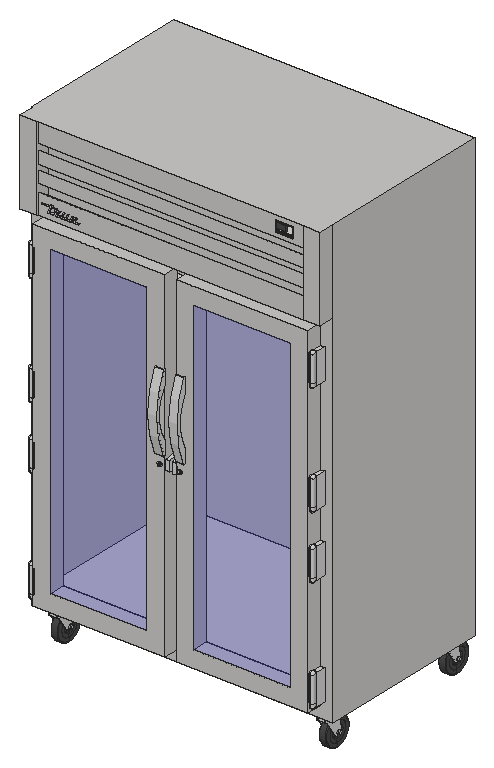
Revit family "QF_TRUE_STG2H-2G", category Specialty Equipment, Revit 2012 (continued)
Automatic sketch dimensions
  Extrusion 13 sketch curve to Extrusion 13 sketch curve = 0.71221"
  Extrusion 13 sketch curve to Extrusion 13 sketch curve = 4.39928"
  Revolve 14 sketch curve to plane 5 "FRONT" = 0.07771"  (x2)
  Revolve 14 sketch curve to Revolve 14 sketch curve = 0.38242"
  Revolve 14 sketch curve to Revolve 14 sketch curve = 0.38436"
  Revolve 14 sketch curve to plane 5 "FRONT" = 31/64"
  Revolve 14 sketch curve to Revolve 14 sketch curve = 0.40666"
  Revolve 14 sketch curve to Revolve 14 sketch curve = 0"
  Revolve 14 sketch curve to plane 6 "TOP" = 25.07719"
  Revolve 14 sketch curve to Revolve 14 sketch curve = 0.32931"
  Revolve 14 sketch curve to Revolve 14 sketch curve = 0.51246"
  Revolve 14 sketch curve to Revolve 14 sketch curve = 0.05342"
  Revolve 14 sketch curve to Revolve 14 sketch curve = 4.42889"
  Revolve 14 sketch curve to Revolve 14 sketch curve = 0.04281"
  Revolve 14 sketch curve to Revolve 14 sketch curve = 0.18929"
  Revolve 14 sketch curve to Revolve 14 sketch curve = 0.55526"
  Extrusion 15 sketch curve to plane 9 = 0.96009"
  Extrusion 15 sketch curve to Extrusion 15 sketch curve = 0.39759"
  Extrusion 15 sketch curve to plane 6 "TOP" = 24.12421"
  Extrusion 15 sketch curve to Extrusion 15 sketch curve = 4.47281"
  Extrusion 16 sketch curve to plane 5 "FRONT" = 1/2"
  Extrusion 16 sketch curve to Extrusion 16 sketch curve = 0.43503"
  Extrusion 16 sketch curve to Extrusion 16 sketch curve = 0.20453"
  Extrusion 16 sketch curve to Extrusion 16 sketch curve = 1.61044"
  plane 7 to Extrusion 16 sketch curve = 33.61127"
  Extrusion 16 sketch curve to Extrusion 16 sketch curve = 0.71221"
  Extrusion 16 sketch curve to Extrusion 16 sketch curve = 4.39928"
  Revolve 17 sketch curve to plane 5 "FRONT" = 0.07771"  (x2)
  Revolve 17 sketch curve to Revolve 17 sketch curve = 0.38242"
  Revolve 17 sketch curve to Revolve 17 sketch curve = 0.38436"
  Revolve 17 sketch curve to plane 5 "FRONT" = 31/64"
  Revolve 17 sketch curve to Revolve 17 sketch curve = 0.40666"
  Revolve 17 sketch curve to Revolve 17 sketch curve = 0"
  plane 7 to Revolve 17 sketch curve = 33.42281"
  Revolve 17 sketch curve to Revolve 17 sketch curve = 0.32931"
  Revolve 17 sketch curve to Revolve 17 sketch curve = 0.51246"
  Revolve 17 sketch curve to Revolve 17 sketch curve = 0.05342"
  Revolve 17 sketch curve to Revolve 17 sketch curve = 4.42889"
  Revolve 17 sketch curve to Revolve 17 sketch curve = 0.04281"
  Revolve 17 sketch curve to Revolve 17 sketch curve = 0.18929"
  Revolve 17 sketch curve to Revolve 17 sketch curve = 0.55526"
  Extrusion 18 sketch curve to plane 9 = 0.96009"
  Extrusion 18 sketch curve to Extrusion 18 sketch curve = 0.39759"
  plane 7 to Extrusion 18 sketch curve = 34.37579"
  Extrusion 18 sketch curve to Extrusion 18 sketch curve = 4.47281"
  Extrusion 19 sketch curve to plane 5 "FRONT" = 1/2"
  Extrusion 19 sketch curve to Extrusion 19 sketch curve = 0.43503"
  Extrusion 19 sketch curve to Extrusion 19 sketch curve = 0.20453"
  Extrusion 19 sketch curve to Extrusion 19 sketch curve = 1.61044"
  plane 7 to Extrusion 19 sketch curve = 22.61127"
  Extrusion 19 sketch curve to Extrusion 19 sketch curve = 0.71221"
  Extrusion 19 sketch curve to Extrusion 19 sketch curve = 4.39928"
  Revolve 20 sketch curve to plane 5 "FRONT" = 0.07771"  (x2)
  Revolve 20 sketch curve to Revolve 20 sketch curve = 0.38242"
  Revolve 20 sketch curve to Revolve 20 sketch curve = 0.38436"
  Revolve 20 sketch curve to plane 5 "FRONT" = 31/64"
  Revolve 20 sketch curve to Revolve 20 sketch curve = 0.40666"
  Revolve 20 sketch curve to Revolve 20 sketch curve = 0"
  plane 7 to Revolve 20 sketch curve = 22.42281"
  Revolve 20 sketch curve to Revolve 20 sketch curve = 0.32931"
  Revolve 20 sketch curve to Revolve 20 sketch curve = 0.51246"
  Revolve 20 sketch curve to Revolve 20 sketch curve = 0.05342"
  Revolve 20 sketch curve to Revolve 20 sketch curve = 4.42889"
  Revolve 20 sketch curve to Revolve 20 sketch curve = 0.04281"
  Revolve 20 sketch curve to Revolve 20 sketch curve = 0.18929"
  Revolve 20 sketch curve to Revolve 20 sketch curve = 0.55526"
  Extrusion 21 sketch curve to plane 9 = 0.96009"
  Extrusion 21 sketch curve to Extrusion 21 sketch curve = 0.39759"
  plane 7 to Extrusion 21 sketch curve = 23.37579"
  Extrusion 21 sketch curve to Extrusion 21 sketch curve = 4.47281"
  Extrusion 22 sketch curve to plane 5 "FRONT" = 1/2"
  Extrusion 22 sketch curve to Extrusion 22 sketch curve = 0.43503"
  Extrusion 22 sketch curve to Extrusion 22 sketch curve = 0.20453"
  Extrusion 22 sketch curve to Extrusion 22 sketch curve = 1.61044"
  plane 7 to Extrusion 22 sketch curve = 2.86127"
  Extrusion 22 sketch curve to Extrusion 22 sketch curve = 0.71221"
  Extrusion 22 sketch curve to Extrusion 22 sketch curve = 4.39928"
  Revolve 23 sketch curve to plane 5 "FRONT" = 0.07771"  (x2)
  Revolve 23 sketch curve to Revolve 23 sketch curve = 0.38242"
  Revolve 23 sketch curve to Revolve 23 sketch curve = 0.38436"
  Revolve 23 sketch curve to plane 5 "FRONT" = 31/64"
  Revolve 23 sketch curve to Revolve 23 sketch curve = 0.40666"
  Revolve 23 sketch curve to Revolve 23 sketch curve = 0"
  plane 7 to Revolve 23 sketch curve = 2.67281"
  Revolve 23 sketch curve to Revolve 23 sketch curve = 0.32931"
  Revolve 23 sketch curve to Revolve 23 sketch curve = 0.51246"
  Revolve 23 sketch curve to Revolve 23 sketch curve = 0.05342"
  Revolve 23 sketch curve to Revolve 23 sketch curve = 4.42889"
  Revolve 23 sketch curve to Revolve 23 sketch curve = 0.04281"
  Revolve 23 sketch curve to Revolve 23 sketch curve = 0.18929"
  Revolve 23 sketch curve to Revolve 23 sketch curve = 0.55526"
  Extrusion 24 sketch curve to plane 9 = 0.96009"
  Extrusion 24 sketch curve to Extrusion 24 sketch curve = 0.39759"
  plane 7 to Extrusion 24 sketch curve = 3.62579"
  Extrusion 24 sketch curve to Extrusion 24 sketch curve = 4.47281"
  Extrusion 25 sketch curve to plane 5 "FRONT" = 1/2"
  Extrusion 25 sketch curve to Extrusion 25 sketch curve = 0.43503"
  Extrusion 25 sketch curve to Extrusion 25 sketch curve = 0.20453"
  Extrusion 25 sketch curve to Extrusion 25 sketch curve = 1.61044"
  Extrusion 25 sketch curve to plane 6 "TOP" = 19.57271"
  Extrusion 25 sketch curve to Extrusion 25 sketch curve = 4.39928"
  Extrusion 25 sketch curve to Extrusion 25 sketch curve = 0.71221"
  Revolve 26 sketch curve to plane 5 "FRONT" = 0.07771"  (x2)
  Revolve 26 sketch curve to Revolve 26 sketch curve = 0.38242"
  Revolve 26 sketch curve to Revolve 26 sketch curve = 0.38436"
  Revolve 26 sketch curve to plane 5 "FRONT" = 31/64"
  Revolve 26 sketch curve to Revolve 26 sketch curve = 0.40666"
  Revolve 26 sketch curve to Revolve 26 sketch curve = 0"
  Revolve 26 sketch curve to plane 6 "TOP" = 18.75492"
  Revolve 26 sketch curve to Revolve 26 sketch curve = 0.55526"
  Revolve 26 sketch curve to Revolve 26 sketch curve = 0.19474"
  Revolve 26 sketch curve to Revolve 26 sketch curve = 0.14649"
  Revolve 26 sketch curve to Revolve 26 sketch curve = 4.42889"
  Revolve 26 sketch curve to Revolve 26 sketch curve = 0.05342"
  Revolve 26 sketch curve to Revolve 26 sketch curve = 0.51246"
  Revolve 26 sketch curve to Revolve 26 sketch curve = 0.05889"
  plane 10 to Extrusion 27 sketch curve = 0.99134"
  Extrusion 27 sketch curve to Extrusion 27 sketch curve = 0.39759"
  Extrusion 27 sketch curve to plane 6 "TOP" = 19.6514"
  Extrusion 27 sketch curve to Extrusion 27 sketch curve = 4.47281"
  Extrusion 28 sketch curve to plane 5 "FRONT" = 1/2"
  Extrusion 28 sketch curve to Extrusion 28 sketch curve = 0.43503"
  Extrusion 28 sketch curve to Extrusion 28 sketch curve = 0.20453"
  Extrusion 28 sketch curve to Extrusion 28 sketch curve = 1.61044"
  plane 7 to Extrusion 28 sketch curve = 38.92729"
  Extrusion 28 sketch curve to Extrusion 28 sketch curve = 4.39928"
  Extrusion 28 sketch curve to Extrusion 28 sketch curve = 0.71221"
  Revolve 29 sketch curve to plane 5 "FRONT" = 0.07771"  (x2)
  Revolve 29 sketch curve to Revolve 29 sketch curve = 0.38242"
  Revolve 29 sketch curve to Revolve 29 sketch curve = 0.38436"
  Revolve 29 sketch curve to plane 5 "FRONT" = 31/64"
  Revolve 29 sketch curve to Revolve 29 sketch curve = 0.40666"
  Revolve 29 sketch curve to Revolve 29 sketch curve = 0"
  Revolve 29 sketch curve to plane 6 "TOP" = 38.25492"
  Revolve 29 sketch curve to Revolve 29 sketch curve = 0.55526"
  Revolve 29 sketch curve to Revolve 29 sketch curve = 0.19474"
  Revolve 29 sketch curve to Revolve 29 sketch curve = 0.14649"
  Revolve 29 sketch curve to Revolve 29 sketch curve = 4.42889"
  Revolve 29 sketch curve to Revolve 29 sketch curve = 0.05342"
  Revolve 29 sketch curve to Revolve 29 sketch curve = 0.51246"
  Revolve 29 sketch curve to Revolve 29 sketch curve = 0.05889"
  plane 10 to Extrusion 30 sketch curve = 0.99134"
  Extrusion 30 sketch curve to Extrusion 30 sketch curve = 0.39759"
  plane 7 to Extrusion 30 sketch curve = 38.8486"
  Extrusion 30 sketch curve to Extrusion 30 sketch curve = 4.47281"
  Extrusion 31 sketch curve to plane 5 "FRONT" = 1/2"
  Extrusion 31 sketch curve to Extrusion 31 sketch curve = 0.43503"
  Extrusion 31 sketch curve to Extrusion 31 sketch curve = 0.20453"
  Extrusion 31 sketch curve to Extrusion 31 sketch curve = 1.61044"
  plane 7 to Extrusion 31 sketch curve = 27.92729"
  Extrusion 31 sketch curve to Extrusion 31 sketch curve = 4.39928"
  Extrusion 31 sketch curve to Extrusion 31 sketch curve = 0.71221"
  Revolve 32 sketch curve to plane 5 "FRONT" = 0.07771"  (x2)
  Revolve 32 sketch curve to Revolve 32 sketch curve = 0.38242"
  Revolve 32 sketch curve to Revolve 32 sketch curve = 0.38436"
  Revolve 32 sketch curve to plane 5 "FRONT" = 31/64"
  Revolve 32 sketch curve to Revolve 32 sketch curve = 0.40666"
  Revolve 32 sketch curve to Revolve 32 sketch curve = 0"
  plane 7 to Revolve 32 sketch curve = 28.74508"
  Revolve 32 sketch curve to Revolve 32 sketch curve = 0.55526"
  Revolve 32 sketch curve to Revolve 32 sketch curve = 0.19474"
  Revolve 32 sketch curve to Revolve 32 sketch curve = 0.14649"
  Revolve 32 sketch curve to Revolve 32 sketch curve = 4.42889"
  Revolve 32 sketch curve to Revolve 32 sketch curve = 0.05342"
  Revolve 32 sketch curve to Revolve 32 sketch curve = 0.51246"
  Revolve 32 sketch curve to Revolve 32 sketch curve = 0.05889"
  plane 10 to Extrusion 33 sketch curve = 0.99134"
  Extrusion 33 sketch curve to Extrusion 33 sketch curve = 0.39759"
  plane 7 to Extrusion 33 sketch curve = 27.8486"
  Extrusion 33 sketch curve to Extrusion 33 sketch curve = 4.47281"
  Extrusion 34 sketch curve to plane 5 "FRONT" = 1/2"
  Extrusion 34 sketch curve to Extrusion 34 sketch curve = 0.43503"
  Extrusion 34 sketch curve to Extrusion 34 sketch curve = 0.20453"
  Extrusion 34 sketch curve to Extrusion 34 sketch curve = 1.61044"
  plane 7 to Extrusion 34 sketch curve = 8.17729"
  plane 7 to Extrusion 34 sketch curve = 3.57348"
  Extrusion 34 sketch curve to Extrusion 34 sketch curve = 0.71221"
  Revolve 35 sketch curve to plane 5 "FRONT" = 0.07771"  (x2)
  Revolve 35 sketch curve to Revolve 35 sketch curve = 0.38242"
  Revolve 35 sketch curve to Revolve 35 sketch curve = 0.38436"
  Revolve 35 sketch curve to plane 5 "FRONT" = 31/64"
  Revolve 35 sketch curve to Revolve 35 sketch curve = 0.40666"
  Revolve 35 sketch curve to Revolve 35 sketch curve = 0"
  plane 7 to Revolve 35 sketch curve = 8.99508"
  Revolve 35 sketch curve to Revolve 35 sketch curve = 0.55526"
  Revolve 35 sketch curve to Revolve 35 sketch curve = 0.19474"
  Revolve 35 sketch curve to Revolve 35 sketch curve = 0.14649"
  plane 7 to Revolve 35 sketch curve = 3.62689"
  Revolve 35 sketch curve to Revolve 35 sketch curve = 0.05342"
  Revolve 35 sketch curve to Revolve 35 sketch curve = 0.51246"
  Revolve 35 sketch curve to Revolve 35 sketch curve = 0.05889"
  plane 10 to Extrusion 36 sketch curve = 0.99134"
  Extrusion 36 sketch curve to Extrusion 36 sketch curve = 0.39759"
  plane 7 to Extrusion 36 sketch curve = 8.0986"
  plane 7 to Extrusion 36 sketch curve = 3.62579"
  Revolve 37 sketch curve to plane 10 = 1.50773"
  Revolve 37 sketch curve to Revolve 37 sketch curve = 0.48273"
  Revolve 37 sketch curve to plane 10 = 5/8"  (x2)
  Revolve 37 sketch curve to Revolve 37 sketch curve = 0.1"  (x2)
  Revolve 37 sketch curve to Revolve 37 sketch curve = 0.16101"
  plane 10 to Revolve 37 sketch curve = 0.12908"
  plane 10 to Revolve 37 sketch curve = 0.46399"
  plane 10 to Revolve 37 sketch curve = 0.525"
  Revolve 37 sketch curve to Revolve 37 sketch curve = 1/2"
  Revolve 37 sketch curve to Revolve 37 sketch curve = 0.16509"
  Revolve 37 sketch curve to Revolve 37 sketch curve = 0.39592"
  level to Revolve 37 sketch curve = 2 1/2"
  Revolve 37 sketch curve to Revolve 37 sketch curve = 0"
  Revolve 37 sketch curve to Revolve 37 sketch curve = 0.29941"  (x2)
  Revolve 37 sketch curve to Revolve 37 sketch curve = 3/4"  (x4)
  Revolve 37 sketch curve to Revolve 37 sketch curve = 0.59652"
  Revolve 37 sketch curve to Revolve 37 sketch curve = 0.60059"
  Extrusion 38 sketch curve to plane 7 = 0.63926"  (x2)
  Extrusion 38 sketch curve to plane 5 "FRONT" = 3.79864"
  Extrusion 38 sketch curve to Extrusion 38 sketch curve = 1/4"  (x2)
  level to Extrusion 38 sketch curve = 2.18736"  (x2)
  Extrusion 38 sketch curve to Extrusion 38 sketch curve = 1.7492"
  Extrusion 38 sketch curve to Extrusion 38 sketch curve = 0.50669"  (x2)
  Extrusion 38 sketch curve to Extrusion 38 sketch curve = 2 1/2"
  level to Extrusion 38 sketch curve = 2.59003"
  Extrusion 38 sketch curve to Extrusion 38 sketch curve = 0.59966"  (x2)
  plane 1 "BACK" to Extrusion 38 sketch curve = 3.8577"
  plane 1 "BACK" to Extrusion 38 sketch curve = 1.8585"
  plane 1 "BACK" to Extrusion 38 sketch curve = 1.1077"
  Extrusion 38 sketch curve to Extrusion 38 sketch curve = 0.32905"
  Extrusion 38 sketch curve to Extrusion 38 sketch curve = 0.60485"  (x2)
  Extrusion 39 sketch curve to plane 7 = 0.63926"  (x2)
  Extrusion 39 sketch curve to plane 5 "FRONT" = 3.79864"
  Extrusion 39 sketch curve to Extrusion 39 sketch curve = 1/4"  (x2)
  level to Extrusion 39 sketch curve = 2.18736"  (x2)
  Extrusion 39 sketch curve to Extrusion 39 sketch curve = 1.7492"
  Extrusion 39 sketch curve to Extrusion 39 sketch curve = 0.50669"  (x2)
  Extrusion 39 sketch curve to Extrusion 39 sketch curve = 2 1/2"
  level to Extrusion 39 sketch curve = 2.59003"
  Extrusion 39 sketch curve to Extrusion 39 sketch curve = 0.59966"  (x2)
  plane 1 "BACK" to Extrusion 39 sketch curve = 3.8577"
  plane 1 "BACK" to Extrusion 39 sketch curve = 1.8585"
  plane 1 "BACK" to Extrusion 39 sketch curve = 1.1077"
  Extrusion 39 sketch curve to Extrusion 39 sketch curve = 0.32905"
  Extrusion 39 sketch curve to Extrusion 39 sketch curve = 0.60485"  (x2)
  Revolve 40 sketch curve to plane 10 = 0"  (x2)
  Revolve 40 sketch curve to plane 7 = 0.62954"
  Revolve 40 sketch curve to plane 10 = 1.29707"
  Revolve 40 sketch curve to Revolve 40 sketch curve = 0.10278"
  Revolve 40 sketch curve to plane 7 = 0.00141"
  plane 7 to Revolve 40 sketch curve = 0.26768"
  Revolve 41 sketch curve to level = 0"
  Revolve 41 sketch curve to plane 10 = 0"  (x2)
  Revolve 41 sketch curve to plane 10 = 1/2"
  Revolve 41 sketch curve to Revolve 41 sketch curve = 1/4"
  Revolve 41 sketch curve to plane 7 = 0"
  Revolve 41 sketch curve to Revolve 41 sketch curve = 1.33338"
  level to Revolve 41 sketch curve = 1"
  Revolve 41 sketch curve to Revolve 41 sketch curve = 5/8"
  plane 7 to Revolve 41 sketch curve = 1 25/32"
  Revolve 42 sketch curve to level = 0"
  Revolve 42 sketch curve to plane 10 = 0"  (x2)
  Revolve 42 sketch curve to plane 10 = 1/2"
  Revolve 42 sketch curve to Revolve 42 sketch curve = 1/4"
  Revolve 42 sketch curve to plane 7 = 0"
  Revolve 42 sketch curve to Revolve 42 sketch curve = 1.33338"
  level to Revolve 42 sketch curve = 1"
  Revolve 42 sketch curve to Revolve 42 sketch curve = 5/8"
  plane 7 to Revolve 42 sketch curve = 1 25/32"
  Revolve 43 sketch curve to plane 10 = 0"  (x2)
  Revolve 43 sketch curve to plane 7 = 0.62954"
  Revolve 43 sketch curve to plane 10 = 1.29707"
  Revolve 43 sketch curve to Revolve 43 sketch curve = 0.10278"
  Revolve 43 sketch curve to plane 7 = 0.00141"
  plane 7 to Revolve 43 sketch curve = 0.26768"
  Extrusion 44 sketch curve to plane 7 = 0.63926"  (x2)
  Extrusion 44 sketch curve to plane 5 "FRONT" = 3.79864"
  Extrusion 44 sketch curve to Extrusion 44 sketch curve = 1/4"  (x2)
  Extrusion 44 sketch curve to Extrusion 44 sketch curve = 2 1/2"
  Extrusion 44 sketch curve to plane 7 = 0.93273"  (x2)
  Extrusion 44 sketch curve to Extrusion 44 sketch curve = 0.03603"
  plane 1 "BACK" to Extrusion 44 sketch curve = 3.8577"
  Extrusion 44 sketch curve to plane 7 = 1.24411"
  plane 1 "BACK" to Extrusion 44 sketch curve = 1.1077"
  Revolve 45 sketch curve to plane 10 = 1.50773"
  Revolve 45 sketch curve to Revolve 45 sketch curve = 0.48273"
  Revolve 45 sketch curve to plane 10 = 5/8"  (x2)
  Revolve 45 sketch curve to Revolve 45 sketch curve = 0.1"  (x2)
  Revolve 45 sketch curve to Revolve 45 sketch curve = 0.16101"
  plane 10 to Revolve 45 sketch curve = 0.12908"
  plane 10 to Revolve 45 sketch curve = 0.46399"
  plane 10 to Revolve 45 sketch curve = 0.525"
  Revolve 45 sketch curve to Revolve 45 sketch curve = 1/2"
  Revolve 45 sketch curve to Revolve 45 sketch curve = 0.16509"
  Revolve 45 sketch curve to Revolve 45 sketch curve = 0.39592"
  level to Revolve 45 sketch curve = 2 1/2"
  Revolve 45 sketch curve to Revolve 45 sketch curve = 0"
  Revolve 45 sketch curve to Revolve 45 sketch curve = 0.29941"  (x2)
  Revolve 45 sketch curve to Revolve 45 sketch curve = 3/4"  (x4)
  Revolve 45 sketch curve to Revolve 45 sketch curve = 0.59652"
  Revolve 45 sketch curve to Revolve 45 sketch curve = 0.60059"
  plane 3 "LEFT" to Revolve 46 sketch curve = 1.33602"
  Revolve 46 sketch curve to Revolve 46 sketch curve = 0.48273"
  Revolve 46 sketch curve to plane 9 = 5/8"  (x2)
  Revolve 46 sketch curve to Revolve 46 sketch curve = 0.1"  (x2)
  Revolve 46 sketch curve to Revolve 46 sketch curve = 0.16101"
  plane 9 to Revolve 46 sketch curve = 0.12908"
  plane 9 to Revolve 46 sketch curve = 0.46399"
  plane 9 to Revolve 46 sketch curve = 0.525"
  Revolve 46 sketch curve to Revolve 46 sketch curve = 1/2"
  Revolve 46 sketch curve to Revolve 46 sketch curve = 0.16509"
  Revolve 46 sketch curve to Revolve 46 sketch curve = 0.39592"
  level to Revolve 46 sketch curve = 2 1/2"
  Revolve 46 sketch curve to Revolve 46 sketch curve = 0"
  Revolve 46 sketch curve to Revolve 46 sketch curve = 0.29941"  (x2)
  Revolve 46 sketch curve to Revolve 46 sketch curve = 3/4"  (x4)
  Revolve 46 sketch curve to Revolve 46 sketch curve = 0.59652"
  Revolve 46 sketch curve to Revolve 46 sketch curve = 0.60059"
  Extrusion 47 sketch curve to plane 7 = 0.63926"  (x2)
  Extrusion 47 sketch curve to plane 5 "FRONT" = 3.79864"
  Extrusion 47 sketch curve to Extrusion 47 sketch curve = 1/4"  (x2)
  level to Extrusion 47 sketch curve = 2.18736"  (x2)
  Extrusion 47 sketch curve to Extrusion 47 sketch curve = 1.7492"
  Extrusion 47 sketch curve to Extrusion 47 sketch curve = 0.50669"  (x2)
  Extrusion 47 sketch curve to Extrusion 47 sketch curve = 2 1/2"
  level to Extrusion 47 sketch curve = 2.59003"
  Extrusion 47 sketch curve to Extrusion 47 sketch curve = 0.59966"  (x2)
  plane 1 "BACK" to Extrusion 47 sketch curve = 3.8577"
  plane 1 "BACK" to Extrusion 47 sketch curve = 1.8585"
  plane 1 "BACK" to Extrusion 47 sketch curve = 1.1077"
  Extrusion 47 sketch curve to Extrusion 47 sketch curve = 0.32905"
  Extrusion 47 sketch curve to Extrusion 47 sketch curve = 0.60485"  (x2)
  Extrusion 48 sketch curve to plane 7 = 0.63926"  (x2)
  Extrusion 48 sketch curve to plane 5 "FRONT" = 3.79864"
  Extrusion 48 sketch curve to Extrusion 48 sketch curve = 1/4"  (x2)
  level to Extrusion 48 sketch curve = 2.18736"  (x2)
  Extrusion 48 sketch curve to Extrusion 48 sketch curve = 1.7492"
  Extrusion 48 sketch curve to Extrusion 48 sketch curve = 0.50669"  (x2)
  Extrusion 48 sketch curve to Extrusion 48 sketch curve = 2 1/2"
  level to Extrusion 48 sketch curve = 2.59003"
  Extrusion 48 sketch curve to Extrusion 48 sketch curve = 0.59966"  (x2)
  plane 1 "BACK" to Extrusion 48 sketch curve = 3.8577"
  plane 1 "BACK" to Extrusion 48 sketch curve = 1.8585"
  plane 1 "BACK" to Extrusion 48 sketch curve = 1.1077"
  Extrusion 48 sketch curve to Extrusion 48 sketch curve = 0.32905"
  Extrusion 48 sketch curve to Extrusion 48 sketch curve = 0.60485"  (x2)
  Revolve 49 sketch curve to plane 9 = 0"  (x2)
  Revolve 49 sketch curve to plane 7 = 0.62954"
  Revolve 49 sketch curve to plane 9 = 1.29707"
  Revolve 49 sketch curve to Revolve 49 sketch curve = 0.10278"
  Revolve 49 sketch curve to plane 7 = 0.00141"
  plane 7 to Revolve 49 sketch curve = 0.26768"
  Revolve 50 sketch curve to level = 0"
  Revolve 50 sketch curve to plane 9 = 0"  (x2)
  Revolve 50 sketch curve to plane 9 = 1/2"
  Revolve 50 sketch curve to Revolve 50 sketch curve = 1/4"
  Revolve 50 sketch curve to plane 7 = 0"
  Revolve 50 sketch curve to plane 9 = 1.33338"
  level to Revolve 50 sketch curve = 1"
  Revolve 50 sketch curve to Revolve 50 sketch curve = 5/8"
  plane 7 to Revolve 50 sketch curve = 1 25/32"
  Revolve 51 sketch curve to level = 0"
  Revolve 51 sketch curve to plane 9 = 0"  (x2)
  Revolve 51 sketch curve to plane 9 = 1/2"
  Revolve 51 sketch curve to Revolve 51 sketch curve = 1/4"
  Revolve 51 sketch curve to plane 7 = 0"
  Revolve 51 sketch curve to plane 9 = 1.33338"
  level to Revolve 51 sketch curve = 1"
  Revolve 51 sketch curve to Revolve 51 sketch curve = 5/8"
  plane 7 to Revolve 51 sketch curve = 1 25/32"
  Revolve 52 sketch curve to plane 9 = 0"  (x2)
  Revolve 52 sketch curve to plane 7 = 0.62954"
  Revolve 52 sketch curve to plane 9 = 1.29707"
  Revolve 52 sketch curve to Revolve 52 sketch curve = 0.10278"
  Revolve 52 sketch curve to plane 7 = 0.00141"
  plane 7 to Revolve 52 sketch curve = 0.26768"
  Extrusion 53 sketch curve to plane 7 = 0.63926"  (x2)
  Extrusion 53 sketch curve to plane 5 "FRONT" = 3.79864"
  Extrusion 53 sketch curve to Extrusion 53 sketch curve = 1/4"  (x2)
  Extrusion 53 sketch curve to Extrusion 53 sketch curve = 2 1/2"
  Extrusion 53 sketch curve to plane 7 = 0.93273"  (x2)
  Extrusion 53 sketch curve to Extrusion 53 sketch curve = 0.03603"
  plane 1 "BACK" to Extrusion 53 sketch curve = 3.8577"
  Extrusion 53 sketch curve to plane 7 = 1.24411"
  plane 1 "BACK" to Extrusion 53 sketch curve = 1.1077"
  plane 3 "LEFT" to Revolve 54 sketch curve = 1.33602"
  Revolve 54 sketch curve to Revolve 54 sketch curve = 0.48273"
  Revolve 54 sketch curve to plane 9 = 5/8"  (x2)
  Revolve 54 sketch curve to Revolve 54 sketch curve = 0.1"  (x2)
  Revolve 54 sketch curve to Revolve 54 sketch curve = 0.16101"
  plane 9 to Revolve 54 sketch curve = 0.12908"
  plane 9 to Revolve 54 sketch curve = 0.46399"
  plane 9 to Revolve 54 sketch curve = 0.525"
  Revolve 54 sketch curve to Revolve 54 sketch curve = 1/2"
  Revolve 54 sketch curve to Revolve 54 sketch curve = 0.16509"
  Revolve 54 sketch curve to Revolve 54 sketch curve = 0.39592"
  level to Revolve 54 sketch curve = 2 1/2"
  Revolve 54 sketch curve to Revolve 54 sketch curve = 0"
  Revolve 54 sketch curve to Revolve 54 sketch curve = 0.29941"  (x2)
  Revolve 54 sketch curve to Revolve 54 sketch curve = 3/4"  (x4)
  Revolve 54 sketch curve to Revolve 54 sketch curve = 0.59652"
  Revolve 54 sketch curve to Revolve 54 sketch curve = 0.60059"
  Extrusion 55 sketch curve to plane 6 "TOP" = 2.55982"
  Extrusion 55 sketch curve to plane 10 = 5.12093"
  Extrusion 55 sketch curve to plane 10 = 2.21468"
  Extrusion 55 sketch curve to plane 6 "TOP" = 13/16"
  Extrusion 56 sketch curve to plane 6 "TOP" = 3/4"
  Extrusion 56 sketch curve to plane 10 = 5.18343"
  Extrusion 56 sketch curve to Extrusion 56 sketch curve = 1/16"  (x4)
  Extrusion 56 sketch curve to Extrusion 56 sketch curve = 0.1375"  (x2)
  Extrusion 56 sketch curve to Extrusion 56 sketch curve = 1/4"  (x4)
  Extrusion 56 sketch curve to Extrusion 56 sketch curve = 0.44601"
  Extrusion 56 sketch curve to Extrusion 56 sketch curve = 1/2"  (x2)
  Extrusion 56 sketch curve to Extrusion 56 sketch curve = 0.0035"
  Extrusion 56 sketch curve to Extrusion 56 sketch curve = 1.06923"
  Extrusion 56 sketch curve to plane 6 "TOP" = 0.95"
  Extrusion 56 sketch curve to Extrusion 56 sketch curve = 1"
  Extrusion 56 sketch curve to Extrusion 56 sketch curve = 0.34106"  (x3)
  Extrusion 56 sketch curve to Extrusion 56 sketch curve = 0"
  Extrusion 56 sketch curve to Extrusion 56 sketch curve = 0.26876"
  Extrusion 58 sketch curve to plane 9 = 0"
  Extrusion 58 sketch curve to plane 5 "FRONT" = 5.09023"
  Extrusion 59 sketch curve to plane 9 = 0"
  plane 1 "BACK" to Extrusion 59 sketch curve = 2.69102"
  Extrusion 60 sketch curve to plane 10 = 0"
  plane 1 "BACK" to Extrusion 60 sketch curve = 2.69102"
  Extrusion 61 sketch curve to plane 10 = 0"
  Extrusion 61 sketch curve to plane 5 "FRONT" = 5.09023"
  plane 9 to Extrusion 62 sketch curve = 2 13/32"
  Extrusion 62 sketch curve to plane 12 = 3 31/32"
  Extrusion 62 sketch curve to plane 8 = 4 1/8"
  Extrusion 62 sketch curve to plane 10 = 2 9/16"
  plane 7 to Extrusion 62 sketch curve = 4 29/32"  (x2)
  Extrusion 62 sketch curve to plane 6 "TOP" = 19 5/32"
  Extrusion 62 sketch curve to Extrusion 62 sketch curve = 0"
  plane 5 "FRONT" to Extrusion 63 sketch curve = 0.2"  (x2)
  plane 5 "FRONT" to Extrusion 63 sketch curve = 0"  (x2)
  Extrusion 63 sketch curve to plane 5 "FRONT" = 7.77899"
  Extrusion 63 sketch curve to Extrusion 63 sketch curve = 7.30945"
  Extrusion 63 sketch curve to plane 6 "TOP" = 30.96833"
  Extrusion 63 sketch curve to Extrusion 63 sketch curve = 2.4"
  Extrusion 63 sketch curve to Extrusion 63 sketch curve = 4.4"
  Extrusion 63 sketch curve to Extrusion 63 sketch curve = 0"
  Extrusion 3 sketch curve to Extrusion 3 sketch curve = 2"
  Extrusion 3 sketch curve to Extrusion 3 sketch curve = 2 17/32"
  plane 11 to Extrusion 3 sketch curve = 2.7042"
  plane 7 to Extrusion 3 sketch curve = 3.86127"
  Extrusion 3 to Extrusion 64 sketch curve = 0"
  Extrusion 64 sketch curve to Extrusion 3 = 1"
  Extrusion 3 to Extrusion 64 sketch curve = 21 31/32"
  Extrusion 64 sketch curve to Extrusion 64 sketch curve = 4 1/32"
  plane 8 to Extrusion 6 sketch curve = 3 31/32"
  plane 8 to Extrusion 6 sketch curve = 31/32"
  Extrusion 6 sketch curve to plane 8 = 1 1/8"
  Extrusion 6 sketch curve to plane 8 = 4 1/8"
  plane 1 "BACK" to curve 1 = 0"
  curve 1 to plane 3 "LEFT" = 0"
  plane 5 "FRONT" to curve 16 = 0"
  curve 3 to plane 4 "RIGHT" = 0"
  plane 3 "LEFT" to curve 29 = 1.38222"
  plane 3 "LEFT" to curve 26 = 1.38222"
  curve 16 to plane 9 = 19/32"
  curve 17 to curve 16 = 0"
  curve 30 to plane 9 = 0.31874"
  curve 27 to plane 9 = 0.31874"
  plane 1 "BACK" to curve 25 = 0.4208"
  plane 9 to curve 25 = 1.00722"
  plane 9 to curve 29 = 1.00722"
  plane 8 to curve 16 = 4.04179"
  plane 8 to curve 18 = 2 15/32"
  plane 8 to curve 19 = 31/32"
  curve 17 to curve 20 = 0"
  curve 23 to plane 8 = 1 1/8"
  curve 15 to curve 23 = 0"
  curve 22 to curve 22 = 1 1/2"
  curve 15 to plane 8 = 4.19804"
  curve 11 to plane 10 = 2.55528"
  curve 7 to plane 10 = 2.55528"
  curve 13 to plane 10 = 1.25624"
  curve 9 to plane 10 = 1.25624"
  plane 10 to curve 10 = 0.06972"
  plane 10 to curve 7 = 0.06972"
  plane 10 to curve 14 = 7/16"
  curve 15 to curve 14 = 0"
  curve 23 to curve 15 = 1.64405"
  curve 18 to curve 18 = 1.64405"
  curve 5 to plane 5 "FRONT" = 2 1/4"
  curve 5 to curve 30 = 1.67849"
  curve 12 to plane 5 "FRONT" = 3.92849"
  curve 12 to curve 12 = 3/4"
  curve 30 to curve 29 = 3/4"
  plane 1 "BACK" to curve 8 = 5.71743"
  curve 27 to curve 24 = 5.29663"
  curve 8 to curve 7 = 3/4"
  plane 5 "FRONT" to Extrusion 57 sketch curve = 0"  (x2)
  Extrusion 57 sketch curve to plane 13 = 0"  (x2)
  Extrusion 57 sketch curve to plane 5 "FRONT" = 0.02133"
  plane 10 to Extrusion 57 sketch curve = 0.55285"
  Extrusion 57 sketch curve to Extrusion 57 sketch curve = 0.11535"
  plane 8 to Extrusion 57 sketch curve = 31/32"
  Extrusion 57 sketch curve to plane 9 = 19/32"
  Extrusion 57 sketch curve to plane 5 "FRONT" = 0.02703"
  radius of Extrusion 7 sketch curve = 0.35"  (x2)
  radius of Extrusion 9 sketch curve = 1/4"
  radius of Extrusion 58 sketch curve = 1 1/2"
  radius of Extrusion 59 sketch curve = 1 1/2"
  radius of Extrusion 60 sketch curve = 1 1/2"
  radius of Extrusion 61 sketch curve = 1 1/2"
Connectors (in)
  electrical at (49.53125, -0.0625, 82), driven by "Volts", driven by "Watts"
    settings: on Extrusion 9, index 1, voltage 208 V, apparent load 3000 VA, apparent load phase1 0 VA, apparent load phase2 0 VA, apparent load phase3 0 VA, power factor 1, load classification "Other", number of poles 1, system type 30, power factor state 1, is connector primary yes, connector utility no, sub classification motor no, connector description "ELECTRICAL CONNECTION"
